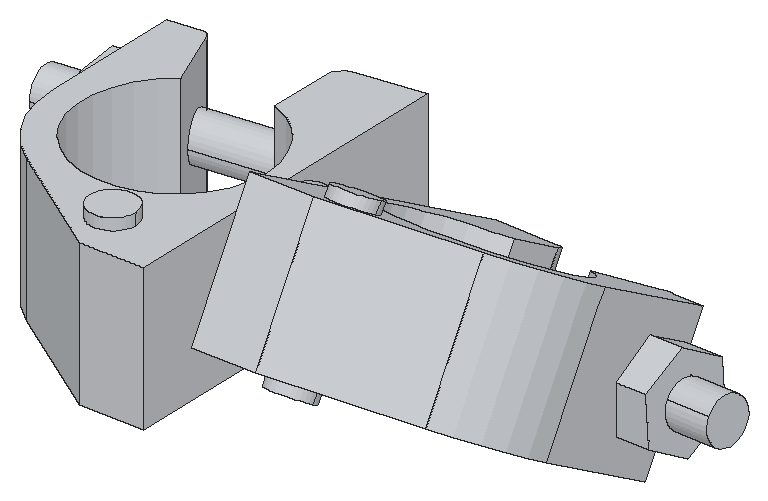
Revit family "SWIVEL COUPLER 48-48_2125147", category Generic Models, Revit 2018
Family settings
  Can host rebar = No
  Round Connector Dimension = Use Diameter
  Part Type = Normal
  OmniClass Number = 35.51.17.00
  OmniClass Title = SCAFFOLDING SHORING AND FENCING
  Work Plane-Based = Yes
  Always vertical = No
  Cut with Voids When Loaded = No
  Shared = Yes
  Room Calculation Point = No
Parameters
  VERSION = "20170217"  # constant formula
  URL = "www.ulmaconstruction.com/en"
  UNICLASS = ""
  Model = ""
  Manufacturer = "ULMA CONSTRUCTION"  # constant formula
  ITEM_CODE = "2125147"
  FILTER [instance] = ""
  Default Elevation = 0.000 mm
  CLASSIFICATION_TITLE = ""
  CLASSIFICATION_NUMBER = ""
  ANGLE [instance] = 30.00°
Reference planes
  plane 1 "Centro (Frontal/Posterior)": y = 0
  plane 2: z = 0
  plane 3 "Centro (Izquierda/Derecha)": x = 0
  plane 4: x = 37.3
  plane 5 "CENTER": x = 73.6
Lines and regions (mm)
  reference lines
    curve 1: line (37.3, 0, 0) -> (37.3, 160.215, -92.5)
Dimensions and locks
  locked: plane 4 to plane 3 "Centro (Izquierda/Derecha)" at 37.3
  locked: plane 3 "Centro (Izquierda/Derecha)" to plane 5 "CENTER" at 73.6
  "ANGLE": angle curve 1 to plane 2
  aligned and locked: level to plane 2
  aligned and locked: plane 1 "Centro (Frontal/Posterior)" to nested 1
  aligned and locked: plane 3 "Centro (Izquierda/Derecha)" to nested 1
  aligned and locked: nested 1 to curve 1
  aligned and locked: plane 1 "Centro (Frontal/Posterior)" to curve 1
  aligned and locked: plane 2 to curve 1
  aligned and locked: nested 2 to plane 4
Nested families
  nested 1: "SEMIABRAZADERA D48 - 2125442_FIXING ITEMS" at (36.3, 0, 0), type "SEMIABRAZADERA D48 - 2125442_FIXING ITEMS"
  nested 2: "SEMIABRAZADERA D48 - 2125442_FIXING ITEMS" at (37.3, 0, 0) x (-1, 0, 0) z (0, -0.5, -0.866), type "SEMIABRAZADERA D48 - 2125442_FIXING ITEMS"
Definition of nested family "SEMIABRAZADERA D48 - 2125442_FIXING ITEMS"
  Parameters (values of type "SEMIABRAZADERA D48 - 2125442_FIXING ITEMS")
    VERSION = "20170217"  # constant formula
    Model = ""
    Manufacturer = "ULMA CONSTRUCTION"  # constant formula
    Default Elevation = 0.000 mm
  Reference planes
    plane 1 "Centro (Frontal/Posterior)": y = 0
    plane 2: z = 0
    plane 3 "Centro (Izquierda/Derecha)": x = 0
    plane 4 "Plano Tornillo": through (-60.806, 41.119, 1200) normal (0.9925, 0.1219, 0)
    plane 5 "CENTER": x = -36.3
  Forms (mm)
    Extrusion 1, solid, detail levels fine
      sketch origin (4230.9, -541.261, 182) x (0, -1, 0) y (1, 0, 0)
        loop
          line (-587.61, -4237.9) -> (-585.223, -4254.883)
          arc (-585.223, -4254.883) -> (-583.552, -4257.961) -> (-580.272, -4259.187) r 5
          line (-580.272, -4259.187) -> (-564.043, -4259.187)
          arc (-564.043, -4259.187) -> (-517.353, -4263.79) -> (-560.895, -4281.262) r 24.15
          line (-560.895, -4281.262) -> (-577.903, -4288.134)
          arc (-577.903, -4288.134) -> (-578.877, -4288.973) -> (-579.139, -4290.232) r 2
          line (-579.139, -4290.232) -> (-578.099, -4298.704) -> (-541.261, -4298.704)
          arc (-541.261, -4298.704) -> (-526.385, -4295.208) -> (-514.987, -4285.029) r 31
          line (-514.987, -4285.029) -> (-494.547, -4254.687) -> (-494.547, -4237.9) -> (-587.61, -4237.9)
      from -201 to -163
    Extrusion 2, solid, detail levels fine
      sketch origin (4239.482, -541.261, 182) x (0, -1, 0) y (1, 0, 0)
        loop
          circle (-507.261, -4264.782) r 6
      from -163 to -160
    Extrusion 3, solid, detail levels fine
      sketch origin (4239.482, -541.261, 141) x (0, -1, 0) y (1, 0, 0)
        loop
          circle (-507.261, -4264.782) r 6
      from -163 to -160
    Extrusion 4, solid, detail levels fine
      sketch origin (-55.331, -3.476, 0) x (-0.121869, 0.992546, 0) y (0, 0, 1)
        loop
          line (26.082, 11) -> (19.732, 0) -> (26.082, -11) -> (38.784, -11) -> (45.135, 0) -> (38.784, 11) -> (26.082, 11)
      from -18.924 to -6.924
    Extrusion 5, solid, detail levels fine
      sketch origin (-55.211, -4.455, 0) x (-0.121869, 0.992546, 0) y (0, 0, 1)
        loop
          circle (33.42, 0) r 13
      from -6.924 to -2.924
    Extrusion 6, solid, detail levels fine
      sketch origin (-55.191, -4.614, 0) x (-0.121869, 0.992546, 0) y (0, 0, 1)
        loop
          circle (33.579, 0) r 6
      from -31.18 to 45.825
    Extrusion 7, solid, detail levels fine
      sketch origin (0, 0, 0) x (0, 1, 0) y (0, 0, 1)
        loop
          circle (0, 0) r 17.5
      from -7 to 0
  Lines and regions (mm)
    model lines, detail levels medium
      curve 1: circle (-36.3, 0, 0) r 27.5 normal (0, 0, 1)
    reference lines
      curve 2: line (-13.8, 34.3, 0) -> (-59.283, 28.715, 0)
  Dimensions and locks
    locked: plane 5 "CENTER" to plane 3 "Centro (Izquierda/Derecha)" at 36.3
    aligned and locked: Extrusion 7 to Extrusion 1
    aligned and locked: plane 3 "Centro (Izquierda/Derecha)" to Extrusion 7
    aligned and locked: Extrusion 4 to Extrusion 5
